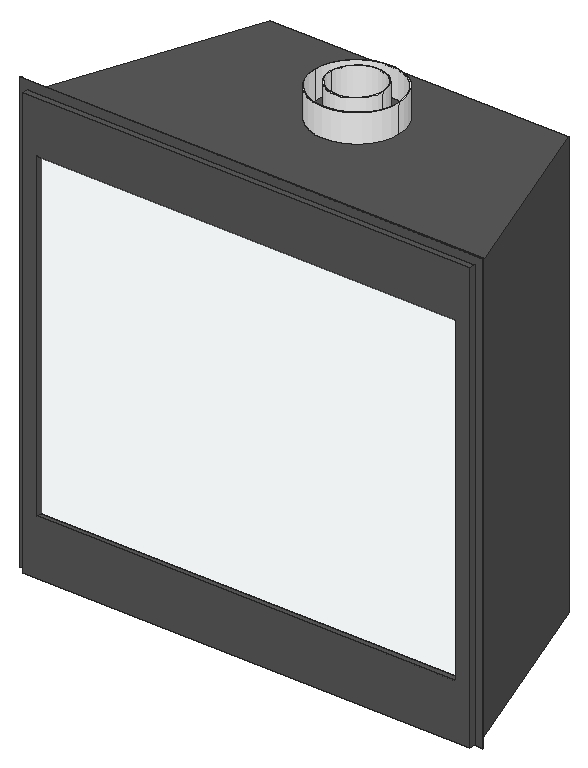
Revit family "H42DF - HL42DF - HW42DF", category Generic Models, Revit 2019
Family settings
  Can host rebar = No
  Round Connector Dimension = Use Diameter
  Part Type = Normal
  Work Plane-Based = No
  Always vertical = Yes
  Cut with Voids When Loaded = No
  Shared = No
  Room Calculation Point = No
Parameters
  Width = 12 5/16"
  URL = "https://www.montigo.com/"
  Model = ""
  Manufacturer Fax = ""
  Manufacturer Website = "https://www.montigo.com/"
  Manufacturer Phone - Toll Free = "800-378-3115"
  Manufacturer Phone = ""
  Manufacturer Address = "27342 Gloucester Way  Langley, BC, Canada   V4W 4A1"
  Manufacturer = "Montigo"
  Length = 53 7/16"
  Keynote = ""
  Glazing Tint = Glass - Montigo - Tint as Specified
  Frame Material = Metal - Montigo - Black
  Firebox Material = Metal - Montigo - White
  Fire Place Length = 50 5/16"
  Fire Place Height = 24 1/2"
  Fire Place - Opening = 16 9/16"
  Description = "Montigo Fireplace as Specified"
  Base Height = 6 9/16"
Reference planes (in)
  plane 1 "Center (Front/Back)": y = 0
  plane 2: z = 0
  plane 3 "Center (Left/Right)": x = 0
  plane 4: z = 5.25
Forms (in)
  Extrusion 1, solid, material "Metal - Montigo - Black" <- "Frame Material"
    sketch origin (0, -46.333, 0) x (1, 0, 0) y (0, 1, 0)
      loop
        line (-20.9375, 46.333) -> (20.9375, 46.333) -> (20.9375, 47.135) -> (14.04481, 66.0725) -> (-14.04481, 66.0725) -> (-20.9375, 47.135) -> (-20.9375, 46.333)
    from 0 to 40.125
  Extrusion 2, solid, material "Metal - Montigo - Black" <- "Frame Material"
    sketch origin (0, -46.333, 0) x (1, 0, 0) y (0, 1, 0)
      loop
        line (-21.78, 46.333) -> (-21.78, 46.30175) -> (21.78, 46.30175) -> (21.78, 46.333) -> (-21.78, 46.333)
    from 0 to 41.3125
  Extrusion 3, solid, material "Metal - Montigo - Black" <- "Frame Material"
    sketch origin (0, -46.333, 0) x (1, 0, 0) y (0, 1, 0)
      loop
        line (-21, 46.30175) -> (-21, 45.709) -> (21, 45.709) -> (21, 46.30175) -> (-21, 46.30175)
    from 0 to 40.5
  Extrusion 4, void
    sketch origin (42.25, -6.4375, 0) x (-1, 0, 0) y (0, 0, -1)
      loop
        line (61.96875, -35.6875) -> (61.96875, -5.25) -> (22.53125, -5.25) -> (22.53125, -35.6875) -> (61.96875, -35.6875)
    from -5.8135 to -6.28922
Cuts and joins
  Extrusion 4 cuts Extrusion 3
  joined: Extrusion 1, Extrusion 2, Extrusion 3
Lines and regions (in)
  symbolic lines
    curve 1: line (0, 19.9078, 39.625) -> (0, 19.9078, -12.375)
    curve 2: line (0, 39.6578, 5.25) -> (0, 0.1578, 5.25)
Dimensions and locks (in)
  plane 4 to level = 5 1/4"
  Extrusion 1 to nested 2 = 7 3/8"
  cut or joined group of Extrusion 1, Extrusion 2, Extrusion 3, Extrusion 4 to nested 2 = 7 3/8"
  nested 4 to level = 32 5/8"
  aligned and locked: level to plane 2
  aligned and locked: nested 2 to nested 1
  aligned and locked: nested 1 to plane 3 "Center (Left/Right)"
  aligned and locked: nested 2 to plane 3 "Center (Left/Right)"
  aligned and locked: nested 4 to plane 3 "Center (Left/Right)"
  aligned and locked: nested 3 to plane 3 "Center (Left/Right)"
Nested families (in)
  nested 1: "Duct Dia" at (0, 12.3645, 40.125) x (-1, 0, 0) z (0, 0, 1), type "5""
    with Intake Duct Dia 5", Intake Diameter 4 7/8", Height 3"
  nested 2: "Duct Dia" at (0, 12.3645, 40.125) x (-1, 0, 0) z (0, 0, 1), type "8""
    with Intake Duct Dia 8", Intake Diameter 7 7/8", Height 2 5/8"
  nested 3: "Duct Dia" at (0, 19.7395, 32.625) x (-1, 0, 0) z (0, 1, 0), type "5""
    with Intake Duct Dia 5", Intake Diameter 4 7/8", Height 3"
  nested 4: "Duct Dia" at (0, 19.7395, 32.625) x (-1, 0, 0) z (0, 1, 0), type "8" 3"
    with Intake Duct Dia 8", Intake Diameter 7 7/8", Height 2"
Connectors (in)
  hvac at (0, 12.3645, 43.125)
    settings: on nested 1, index 8, duct flow 0.0 L/s, flow factor 0, pres drop 0.0 Pa, loss coef 0, conn angle 0.00°, conn width 304.8 mm, conn height 304.8 mm, conn diameter 127 mm, duct sys type 3, conn prof type 0, flow config 0, flow direction 0, loss method 0, conn ref index -1, conn util no, is conn primary yes, conn desc ""
  hvac at (0, 22.7395, 32.625)
    settings: on nested 3, index 10, duct flow 0.0 L/s, flow factor 0, pres drop 0.0 Pa, loss coef 0, conn angle 0.00°, conn width 304.8 mm, conn height 304.8 mm, conn diameter 127 mm, duct sys type 3, conn prof type 0, flow config 0, flow direction 0, loss method 0, conn ref index -1, conn util no, is conn primary no, conn desc ""
  hvac at (0, 21.7395, 32.625)
    settings: on nested 4, index 11, duct flow 0.0 L/s, flow factor 0, pres drop 0.0 Pa, loss coef 0, conn angle 0.00°, conn width 304.8 mm, conn height 304.8 mm, conn diameter 203.2 mm, duct sys type 3, conn prof type 0, flow config 0, flow direction 0, loss method 0, conn ref index -1, conn util no, is conn primary no, conn desc ""
  hvac at (0, 12.3645, 42.75)
    settings: on nested 2, index 12, duct flow 0.0 L/s, flow factor 0, pres drop 0.0 Pa, loss coef 0, conn angle 0.00°, conn width 304.8 mm, conn height 304.8 mm, conn diameter 203.2 mm, duct sys type 1, conn prof type 0, flow config 0, flow direction 0, loss method 0, conn ref index -1, conn util no, is conn primary no, conn desc ""
Definition of nested family "Duct Dia"
  Parameters (values of type "15 7/8" Dia.")
    Intake Duct Dia = 15 7/8"
    Intake Diameter = Intake Duct Dia - 1/8"  # 15 3/4"
    Height = 4"
    Firebox Material = none
    Default Elevation = 48"
  Types (12): name | Intake Duct Dia | Intake Diameter | Height
    9 7/8" Dia. | 9 7/8" | 9 3/4" | 4"
    7 7/8" Dia | 7 7/8" | 7 3/4" | 4"
    8 1/8" Dia | 8 1/8" | 8" | 1/4"
    11 3/4" Dia | 11 3/4" | 11 5/8" | 4"
    4" Dia | 10" | 9 7/8" | 4"
    7 3/4" Dia | 7 3/4" | 7 5/8" | 4"
    6 7/8" Dia | 6 7/8" | 6 3/4" | 1/4"
    9 3/4" Dia. | 9 3/4" | 9 5/8" | 4"
    7 1/8" Dia | 7 1/8" | 7" | 1/4"
    11 7/8" Dia. | 11 7/8" | 11 3/4" | 4"
    13 7/8" Dia. | 13 7/8" | 13 3/4" | 4"
    15 7/8" Dia. | 15 7/8" | 15 3/4" | 4"
  Reference planes (in)
    plane 1 "Center (Front/Back)": y = 0
    plane 2: z = 0
    plane 3 "Center (Left/Right)": x = 0
    plane 4: z = 4
  Forms (in)
    Extrusion 1, solid
      sketch origin (0, 0, 0) x (1, 0, 0) y (0, 1, 0)
        loop
          line (-48, 48) -> (-48, -48) -> (48, -48) -> (48, 48) -> (-48, 48)
      from 0 to -12
    Extrusion 2, solid, material <- "Firebox Material"
      sketch origin (0, 0, 0) x (1, 0, 0) y (0, 1, 0)
        loop
          circle (0, 0) r 7.9375
        loop
          circle (0, 0) r 7.875
      from 0 to 4
  Dimensions and locks (in)
    "Height": plane 4 to level
    "Intake Duct Dia": diameter of Extrusion 2 sketch curve
    "Intake Diameter": diameter of Extrusion 2 sketch curve
    aligned and locked: plane 2 to Extrusion 1
    aligned and locked: level to Extrusion 1
    aligned and locked: plane 4 to Extrusion 2
  Automatic sketch dimensions
    Extrusion 1 sketch curve to Extrusion 1 sketch curve = 96"  (x2)
    Extrusion 2 sketch curve to Extrusion 2 sketch curve = 0"  (x2)
    plane 1 "Center (Front/Back)" to Extrusion 2 sketch curve = 0"
    Extrusion 2 sketch curve to plane 3 "Center (Left/Right)" = 0"
